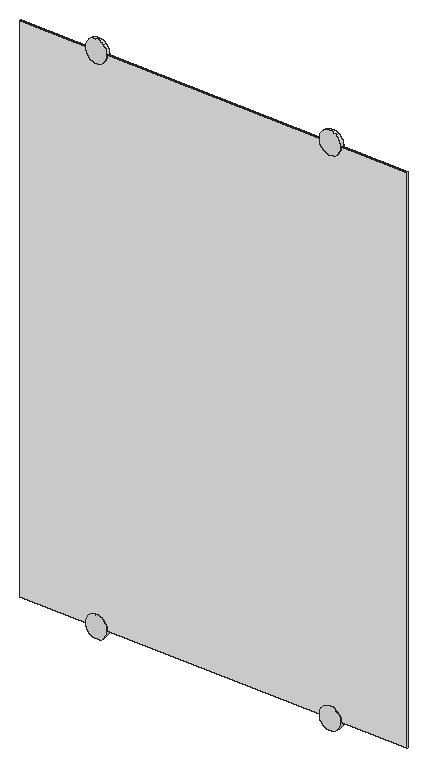
Revit family "Visionary 4x3", category Generic Models, host Wall, Revit 2018
Family settings
  Host = Wall
  Can host rebar = No
  Round Connector Dimension = Use Diameter
  Part Type = Normal
  Always vertical = Yes
  Cut with Voids When Loaded = No
  Shared = No
  Room Calculation Point = No
Parameters
  Surface = Visionary 4x3 Surface
  Mounts = Visionary Mounts Platinum
Reference planes (in)
  plane 1: y = 0
  plane 2 "Center (Left/Right)": x = 0
  plane 3 "Wall Edge": y = 3
  plane 4: z = 36
Forms (in)
  Extrusion 1, solid, material "Visionary 4x3 Surface" <- "Surface"
    sketch origin (0, 3, 0) x (1, 0, 0) y (0, 0, 1)
      loop
        line (17.715, 83.24) -> (-17.715, 83.24) -> (-17.715, 36) -> (17.715, 36) -> (17.715, 83.24)
    from 0 to -0.125
  Extrusion 2, solid, material "Visionary Mounts Platinum" <- "Mounts"
    sketch origin (29.54231, 3, 119.24) x (-1, 0, 0) y (0, 0, -1)
      loop
        circle (40.25731, 36) r 1
    from -0.25 to 0
  Extrusion 3, solid, material "Visionary Mounts Platinum" <- "Mounts"
    sketch origin (29.54231, 3, 0) x (-1, 0, 0) y (0, 0, -1)
      loop
        circle (40.25731, -36) r 1
    from -0.25 to 0
  Extrusion 4, solid, material "Visionary Mounts Platinum" <- "Mounts"
    sketch origin (-29.54231, 3, 119.24) x (1, 0, 0) y (0, 0, 1)
      loop
        circle (40.25731, -36) r 1
    from -0.25 to 0
  Extrusion 5, solid, material "Visionary Mounts Platinum" <- "Mounts"
    sketch origin (-29.54231, 3, 0) x (1, 0, 0) y (0, 0, 1)
      loop
        circle (40.25731, 36) r 1
    from -0.25 to 0
Text (in)
  text "Placement Side" at (0, 40.15149, 123.01588), in view "Right"
  text "Placement Side" at (-70.3804, 28.46503, 0), in view "Ref. Level"
  text "Placement Side" at (0, 81.62555, 140.59947), in view "Left"
Dimensions and locks (in)
  locked: plane 3 "Wall Edge" to host wall
  locked: level to plane 4 at 36
  aligned and locked: Extrusion 1 to plane 4
